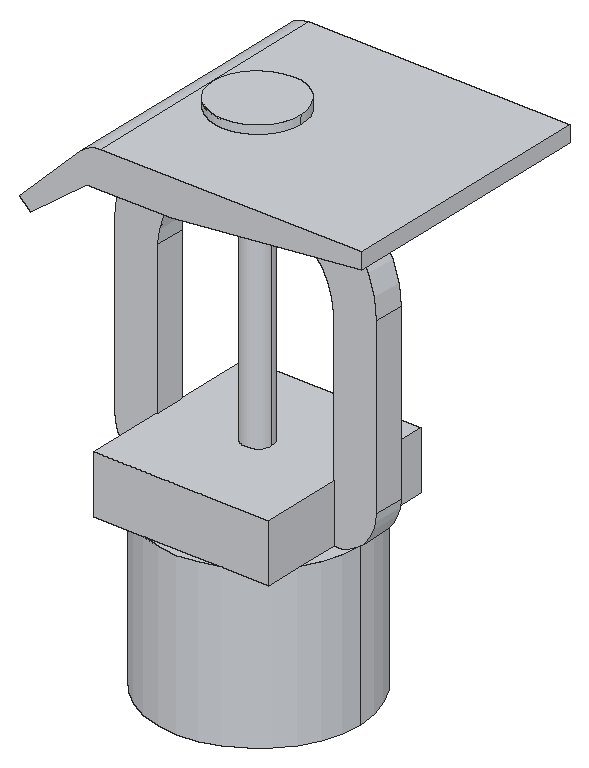
Revit family
Parameters (values of type "RASCO F156 VSW")
  URL = ""
  Temperature Rating = 155 °F
  Response = (empty or 0)
  RASCO SIN # = "RA1385"
  RASCO Part # = "F56V1C"
  Pressure Rating = "175 PSI"
  Pressure Class = (empty or 0)
  Orifice Size = 1/2"
  Orifice = (empty or 0)
  Model = "F156"
  Manufacturer = "RASCO"
  K-Factor = 5.6
  Description = "Chrome Finish"
  Coverage = (empty or 0)
Reference planes (in)
  plane 1 "Center (Front/Back)": y = 0
  plane 2: z = 0
  plane 3 "Center (Left/Right)": x = 0
Nested families (in)
  nested 1: "F56V1C" at (0, 0, 0), type "RASCO F156 VSW"
Connectors (in)
  piping at (0, 0, 0)
    settings: on nested 1, index 1, connector radius 55/128", flow factor 0, pipe flow 0 GPM, pressure drop 0.00 psi, fitting loss kfactor 0, connector angle 0.00°, fixture units 0, flow configuration 0, flow direction 0, fitting loss method 0, system type 7, connector reference index -1, connector utility 0, adjustable connector no, is connector primary yes, fitting loss table "", connector description ""
Definition of nested family "F56V1C"
  Parameters (values of type "RASCO F156 VSW")
    Type Comments = ""
    Temperature Rating = 0 °F
    Response = (empty or 0)
    Pressure Rating = "0"
    Pressure Class = (empty or 0)
    Orifice Size = 0"
    Orifice = (empty or 0)
    Model = ""
    Manufacturer = ""
    K-Factor = 0
    Description = ""
    Coverage = (empty or 0)
    Assembly Code = ""
  Reference planes (in)
    plane 1 "Center (Front/Back)": y = 0
    plane 2: z = 0
    plane 3 "ref.2": z = 0.6875
    plane 4 "ref.3": z = 0.9375
    plane 5: x = -0.38065
    plane 6: x = 0.36935
    plane 7 "ref. side 1": y = 0.06402
    plane 8 "ref. side 2": y = -0.06098
    plane 9 "ref.4": z = 1.875
    plane 10 "ref.5": z = 2.24902
    plane 11 "ref.6": z = 2.4375
    plane 12 "void": z = 2.0625
  Forms (in)
    Extrusion 1, solid
      sketch origin (0, 0, 0) x (1, 0, 0) y (0, 1, 0)
        loop
          circle (0, 0) r 0.4375
      from 0 to 0.6875
    Extrusion 2, solid
      sketch origin (-0.12185, 0.05177, 0.6875) x (1, 0, 0) y (0, 1, 0)
        loop
          line (-0.2588, 0.356) -> (-0.2588, -0.4565) -> (0.4912, -0.4565) -> (0.4912, 0.356) -> (-0.2588, 0.356)
      from 0 to 0.25
    Extrusion 3, solid
      sketch origin (0, 0, 0) x (1, 0, 0) y (0, 0, 1)
        loop
          line (-0.38065, 0.68754) -> (-0.38065, 1.58397)
          arc (-0.38065, 1.58397) -> (-0.29541, 1.78976) -> (-0.08962, 1.875) r 0.29103
          line (-0.08962, 1.875) -> (0.07524, 1.875)
          arc (0.07524, 1.875) -> (0.28321, 1.78886) -> (0.36935, 1.58089) r 0.29411
          line (0.36935, 1.58089) -> (0.36935, 0.68751)
          arc (0.36935, 0.68751) -> (0.50207, 0.74393) -> (0.55685, 0.87734) r 0.18984
          line (0.55685, 0.87734) -> (0.55685, 1.61676)
          arc (0.55685, 1.61676) -> (0.42629, 1.93194) -> (0.11111, 2.0625) r 0.44574
          line (0.11111, 2.0625) -> (-0.12259, 2.0625)
          arc (-0.12259, 2.0625) -> (-0.43765, 1.932) -> (-0.56815, 1.61694) r 0.44556
          line (-0.56815, 1.61694) -> (-0.56815, 0.87876)
          arc (-0.56815, 0.87876) -> (-0.51345, 0.74486) -> (-0.38065, 0.68754) r 0.19126
      from -0.06402 to 0.06098
    Extrusion 4, solid
      sketch origin (0, 0, 0.9375) x (-1, 0, 0) y (0, -1, 0)
        loop
          circle (0.00574, -0.00152) r 0.0625
      from 0 to 0.9375
    Extrusion 5, solid
      sketch origin (0, 0, 1.875) x (-1, 0, 0) y (0, -1, 0)
        loop
          circle (0.00574, -0.00152) r 0.1875
      from 0 to 0.37402
    Extrusion 6, solid
      sketch origin (-0.03679, 0, -0.06016) x (1, 0, 0) y (0, 0, 1)
        loop
          arc (-0.19445, 2.27627) -> (-0.23939, 2.26733) -> (-0.27749, 2.24188) r 0.11743
          line (-0.27749, 2.24188) -> (-0.54045, 1.97891) -> (-0.49488, 1.93334) -> (-0.25503, 2.12072) -> (0.10902, 2.12072) -> (0.92351, 2.20633) -> (0.92351, 2.27627) -> (-0.19445, 2.27627)
      from -0.5584 to 0.5566
  Cuts and joins
    joined: Extrusion 1, Extrusion 2, Extrusion 4
  Lines and regions (in)
    model lines
      curve 1: line (-0.00574, 0.06402, 1.875) -> (-0.00574, -0.06098, 1.875)
